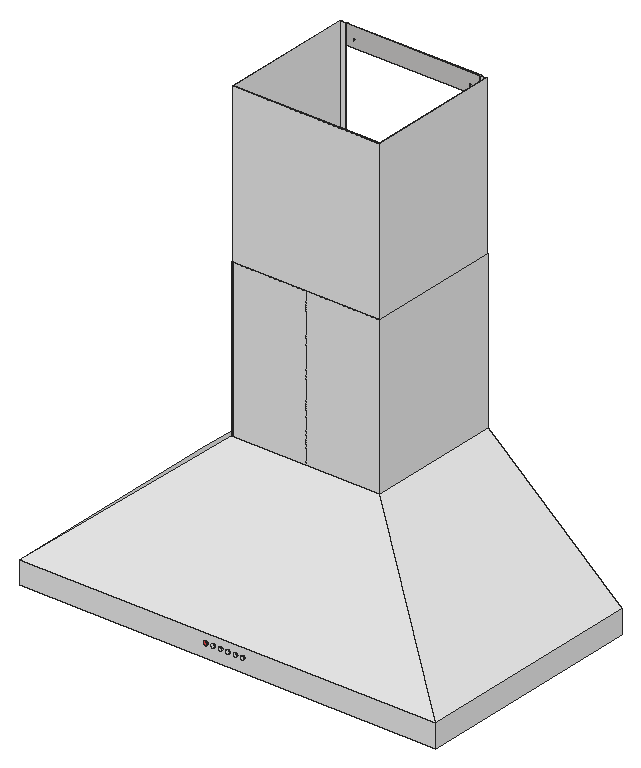
Revit family "FP_Revit_18_HC90PCRW_Rangehood_90001872A", category Specialty Equipment, Revit 2018
Family settings
  Round Connector Dimension = Use Diameter
  Part Type = Normal
  OmniClass Number = 23.40.40.00
  OmniClass Title = Food Service Equipment and Furnishings
  Work Plane-Based = No
  Always vertical = Yes
  Cut with Voids When Loaded = Yes
  Shared = No
  Room Calculation Point = No
Parameters (values of type "HC90PCW1")
  Visibility - Upper Chimney Extension [instance] = yes
  URL = "www.fisherpaykel.com"
  Product - Width = 898 mm  # constant formula
  Product - Height (636mm - 975mm) Ducted [instance] = 975 mm
  Product - Depth = 500 mm  # constant formula
  Model = "HC90PCW1"
  Material - COLOUR CHANGE = Fisher & Paykel - White
  Material - Buttons and Dials = Fisher & Paykel - Steel, Chrome Plated
  Material - Body = Fisher & Paykel - Stainless Steel
  Manufacturer = "Fisher & Paykel Appliances"
  FFL Offset [instance] = 1565 mm
  Description = "90cm Rangehood"
  Connector Description - Extraction = "150mm rigid or  semi-rigid ducting, 780m³/hr"
  Connector Description - Electrical = "230 V, 50Hz"
  Chassis - Width = 320 mm  # constant formula
  Chassis - Height = 298 mm  # constant formula
  Chassis - Depth = 290 mm  # constant formula
Types (5, lengths in mm): name | Model | Material - COLOUR CHANGE
  (no name) | "HC90PCW1" | Fisher & Paykel - White
  HC90PCB1 | "HC90PCB1" | Fisher & Paykel - Black
  HC90PCR1 | "HC90PCR1" | Fisher & Paykel - Red
  HC90PCTX1 | "HC90PCTX1" | Fisher & Paykel - Stainless Steel
  HC90PCW1 | "HC90PCW1" | Fisher & Paykel - White
Reference planes
  plane 1 "Datum": y = 0
  plane 2: z = 0
  plane 3 "Center (Left/Right)": x = 0
  plane 4 "Product - Height": z = 2540
  plane 5 "Product LHS": x = -449
  plane 6 "Product RHS": x = 449
  plane 7 "Product - Depth": y = -500
  plane 8 "Cavity LHS": x = -160
  plane 9 "Cavity RHS": x = 160
  plane 10 "Chassis - Depth": y = -290
  plane 11 "FFL Offset": z = 1565
  plane 12 "Chassis - Height": z = 1863
Forms (mm)
  Extrusion 1, solid, material "Fisher & Paykel - White" <- "Material - COLOUR CHANGE"
    sketch origin (0, 0, 0) x (1, 0, 0) y (0, 1, 0)
      loop
        line (-145, 0) -> (-160, 0) -> (-160, -290) -> (0, -290) -> (160, -290) -> (160, 0) -> (145, 0) -> (145, -1) -> (159, -1) -> (159, -289) -> (-159, -289) -> (-159, -1) -> (-145, -1) -> (-145, 0)
    from 1863 to 2200
  Extrusion 2, solid, material "Fisher & Paykel - White" <- "Material - COLOUR CHANGE", visible <- "Visibility - Upper Chimney Extension"
    sketch origin (0, 0, 0) x (1, 0, 0) y (0, 1, 0)
      loop
        line (-158, -2) -> (-145, -2) -> (-145, -1) -> (-159, -1) -> (-159, -289) -> (159, -289) -> (159, -1) -> (145, -1) -> (145, -2) -> (158, -2) -> (158, -288.044) -> (-158, -288.044) -> (-158, -2)
    from 2190 to 2540
  Extrusion 3, solid, material "Fisher & Paykel - Stainless Steel" <- "Material - Body"
    sketch origin (0, 0, 0) x (1, 0, 0) y (0, 1, 0)
      loop
        circle (0, -87.6) r 75
      loop
        circle (0, -87.6) r 74
    from 1850 to 1897.007
  Extrusion 4, solid, material "Fisher & Paykel - Stainless Steel" <- "Material - Body", visible <- "Visibility - Upper Chimney Extension"
    sketch origin (0, 0, 7) x (1, 0, 0) y (0, 0, 1)
      loop
        line (-145, 2491.596) -> (145, 2491.596) -> (145, 2533) -> (-145, 2533) -> (-145, 2491.596)
      loop
        circle (125, 2508) r 2.5
      loop
        circle (-125, 2508) r 2.5
    from 0 to 2
  Extrusion 5, solid, material "Fisher & Paykel - Steel, Chrome Plated" <- "Material - Buttons and Dials", detail levels fine
    sketch origin (0, 0, 565) x (1, 0, 0) y (0, 0, 1)
      loop
        circle (-32, 1029.1) r 3.958
      loop
        circle (-16, 1029.1) r 3.958
      loop
        circle (0, 1029.1) r 3.958
      loop
        circle (16, 1029.1) r 3.958
      loop
        circle (32, 1029.1) r 3.958
    from 501 to 500
  Extrusion 6, void
    sketch origin (0, 0, 0) x (1, 0, 0) y (0, 1, 0)
      loop
        line (-427.4, -479.9) -> (427.4, -479.9) -> (427.4, -89.9) -> (-427.4, -89.9) -> (-427.4, -479.9)
      loop
        circle (-217.5, -42) r 25
      loop
        circle (217.5, -42) r 25
    from 1565 to 1574
  Extrusion 7, solid, material "Fisher & Paykel - Stainless Steel" <- "Material - Body", detail levels fine
    sketch origin (0, 0, 0) x (1, 0, 0) y (0, 1, 0)
      loop
        line (142.7, -89.9) -> (142.7, -479.9) -> (427.4, -479.9) -> (427.4, -89.9) -> (142.7, -89.9)
      loop
        line (417.55, -469.9) -> (417.55, -99.9) -> (152.2, -99.9) -> (152.2, -469.9) -> (252.55, -469.9) -> (252.55, -409.9) -> (317.55, -409.9) -> (317.55, -469.9) -> (417.55, -469.9)
      loop
        line (269.45, -428.3) -> (269.45, -468.3) -> (300.65, -468.3) -> (300.65, -428.3) -> (269.45, -428.3)
      loop
        line (274.65, -433.5) -> (274.65, -463.1) -> (295.45, -463.1) -> (295.45, -433.5) -> (274.65, -433.5)
      loop
        line (274.85, -442.6) -> (274.85, -462.9) -> (295.25, -462.9) -> (295.25, -442.6) -> (274.85, -442.6)
      loop
        line (-142.7, -89.9) -> (-427.4, -89.9) -> (-427.4, -479.9) -> (-142.7, -479.9) -> (-142.7, -89.9)
      loop
        line (-417.55, -469.9) -> (-317.55, -469.9) -> (-317.55, -409.9) -> (-252.55, -409.9) -> (-252.55, -469.9) -> (-152.2, -469.9) -> (-152.2, -99.9) -> (-417.55, -99.9) -> (-417.55, -469.9)
      loop
        line (-269.45, -428.3) -> (-300.65, -428.3) -> (-300.65, -468.3) -> (-269.45, -468.3) -> (-269.45, -428.3)
      loop
        line (-274.65, -433.5) -> (-295.45, -433.5) -> (-295.45, -463.1) -> (-274.65, -463.1) -> (-274.65, -433.5)
      loop
        line (-274.85, -442.6) -> (-295.25, -442.6) -> (-295.25, -462.9) -> (-274.85, -462.9) -> (-274.85, -442.6)
      loop
        line (-142.35, -89.9) -> (-142.35, -479.9) -> (142.35, -479.9) -> (142.35, -89.9) -> (-142.35, -89.9)
      loop
        line (132.5, -469.9) -> (132.5, -99.9) -> (-132.85, -99.9) -> (-132.85, -469.9) -> (-32.5, -469.9) -> (-32.5, -409.9) -> (32.5, -409.9) -> (32.5, -469.9) -> (132.5, -469.9)
      loop
        line (-15.6, -428.3) -> (-15.6, -468.3) -> (15.6, -468.3) -> (15.6, -428.3) -> (-15.6, -428.3)
      loop
        line (-10.4, -433.5) -> (-10.4, -463.1) -> (10.4, -463.1) -> (10.4, -433.5) -> (-10.4, -433.5)
      loop
        line (-10.2, -442.6) -> (-10.2, -462.9) -> (10.2, -462.9) -> (10.2, -442.6) -> (-10.2, -442.6)
      loop
        line (268.45, -427.3) -> (268.45, -469.3) -> (301.65, -469.3) -> (301.65, -427.3) -> (268.45, -427.3)
      loop
        line (-16.6, -427.3) -> (-16.6, -469.3) -> (16.6, -469.3) -> (16.6, -427.3) -> (-16.6, -427.3)
      loop
        line (-268.45, -427.3) -> (-301.65, -427.3) -> (-301.65, -469.3) -> (-268.45, -469.3) -> (-268.45, -427.3)
    from 1566 to 1574
  Extrusion 8, solid, material "Fisher & Paykel - Aluminium", detail levels medium+fine
    sketch origin (0, 0, 0) x (1, 0, 0) y (0, 1, 0)
      loop
        line (152.2, -99.9) -> (152.2, -469.9) -> (252.55, -469.9) -> (252.55, -409.9) -> (317.55, -409.9) -> (317.55, -469.9) -> (417.55, -469.9) -> (417.55, -99.9) -> (152.2, -99.9)
      loop
        line (-152.2, -99.9) -> (-417.55, -99.9) -> (-417.55, -469.9) -> (-317.55, -469.9) -> (-317.55, -409.9) -> (-252.55, -409.9) -> (-252.55, -469.9) -> (-152.2, -469.9) -> (-152.2, -99.9)
      loop
        line (-132.675, -99.9) -> (-132.675, -469.9) -> (-32.325, -469.9) -> (-32.325, -409.9) -> (32.675, -409.9) -> (32.675, -469.9) -> (132.675, -469.9) -> (132.675, -99.9) -> (-132.675, -99.9)
    from 1566 to 1574
  Extrusion 9, void
    sketch origin (0, 0, 0) x (1, 0, 0) y (0, 0, 1)
      loop
        line (-449, 1863) -> (-449, 1615) -> (-160, 1863) -> (-449, 1863)
      loop
        line (449, 1863) -> (160, 1863) -> (449, 1615) -> (449, 1863)
    from 0 to 500
  Extrusion 10, solid, material "Fisher & Paykel - White" <- "Material - COLOUR CHANGE"
    sketch origin (0, 0, 0) x (0, 1, 0) y (0, 0, 1)
      loop
        line (-500, 1565) -> (0, 1565) -> (0, 1863) -> (-290, 1863) -> (-500, 1615) -> (-500, 1565)
    from -449 to 449
  Extrusion 11, solid, material "Fisher & Paykel - Stainless Steel" <- "Material - Body", detail levels medium+fine
    sketch origin (0, 0, 0) x (1, 0, 0) y (0, 1, 0)
      loop
        circle (90.933, -33) r 3
    from 1897.007 to 1850
  Extrusion 12, solid, material "Fisher & Paykel - Steel, Chrome Plated" <- "Material - Buttons and Dials", detail levels medium+fine
    sketch origin (0, 0, 0) x (1, 0, 0) y (0, 1, 0)
      loop
        circle (-217.5, -42) r 25
      loop
        circle (-217.5, -42) r 22
      loop
        circle (217.5, -42) r 25
      loop
        circle (217.5, -42) r 22
    from 1565 to 1574
  Extrusion 13, solid, material "Fisher & Paykel - White Bezel", detail levels fine
    sketch origin (0, 0, 0) x (1, 0, 0) y (0, 1, 0)
      loop
        circle (-217.5, -42) r 22
      loop
        circle (217.5, -42) r 22
    from 1565 to 1574
  Extrusion 14, void
    sketch origin (0, 0, 0) x (1, 0, 0) y (0, 0, 1)
      loop
        circle (254, 1612) r 2.5
      loop
        circle (125, 1859) r 2.5
      loop
        circle (-254, 1610) r 2.5
      loop
        circle (-125, 1859) r 2.5
    from 0 to 7
  Extrusion 15, solid, material "Fisher & Paykel - Stainless Steel" <- "Material - Body"
    sketch origin (0, 0, 0) x (1, 0, 0) y (0, 0, 1)
      loop
        line (-145, 2183) -> (-145, 2143) -> (145, 2143) -> (145, 2183) -> (-145, 2183)
      loop
        circle (125, 2161) r 2.5
      loop
        circle (-125, 2161) r 2.5
    from 0 to 2
  Extrusion 16, void
    sketch origin (0, 0, 0) x (1, 0, 0) y (0, 1, 0)
      loop
        line (-159, -289) -> (159, -289) -> (159, -2) -> (-159, -2) -> (-159, -289)
    from 1850 to 1863
  Extrusion 17, solid, material "Fisher & Paykel - Bezel Red", detail levels fine
    sketch origin (0, 0, 0) x (1, 0, 0) y (0, 0, 1)
      loop
        circle (-48, 1594.1) r 4.044
    from 500 to 501
Cuts and joins
  Extrusion 6, Extrusion 9, Extrusion 14, Extrusion 16 cuts Extrusion 10
  joined: Extrusion 1, Extrusion 10
  Extrusion 14 cuts Extrusion 4
  Extrusion 14 cuts Extrusion 15
Text (mm)
  text "Due to ongoing product development, product details are subject to change without notice. \nPlease always refer to www.fisherpaykel.com for the most current product information. \n© Fisher & Paykel 2020" at (41.04, -1225.549, 0), in view "Ref. Level (Plan)"
Dimensions and locks
  equal spacing: plane 5 "Product LHS", plane 3 "Center (Left/Right)", plane 6 "Product RHS"
  equal spacing: plane 8 "Cavity LHS", plane 3 "Center (Left/Right)", plane 9 "Cavity RHS"
  "Chassis - Width": plane 8 "Cavity LHS" to plane 9 "Cavity RHS"
  locked: Extrusion 1 sketch curve to Extrusion 1 sketch curve at 1  (x3)
  "FFL Offset": plane 11 "FFL Offset" to level
  "Product - Height (636mm - 975mm) Ducted": plane 4 "Product - Height" to plane 11 "FFL Offset"
  locked: Extrusion 8 to plane 11 "FFL Offset" at 9
  locked: Extrusion 7 to plane 11 "FFL Offset" at 1
  locked: Extrusion 1 to plane 11 "FFL Offset" at 635
  "Chassis - Depth": plane 10 "Chassis - Depth" to plane 1 "Datum"
  "Product - Width": plane 5 "Product LHS" to plane 6 "Product RHS"
  "Product - Depth": plane 1 "Datum" to plane 7 "Product - Depth"
  "Chassis - Height": plane 12 "Chassis - Height" to plane 11 "FFL Offset"
  locked: plane 11 "FFL Offset" to Extrusion 14 sketch curve at 294
  locked: plane 4 "Product - Height" to Extrusion 2 at 350
  locked: Extrusion 3 to plane 11 "FFL Offset" at 332.007
  locked: plane 11 "FFL Offset" to cut or joined group of Extrusion 1, Extrusion 6, Extrusion 9, Extrusion 10, Extrusion 14, Extrusion 16 at 285
  locked: plane 11 "FFL Offset" to cut or joined group of Extrusion 14, Extrusion 15 at 596
  locked: plane 11 "FFL Offset" to cut or joined group of Extrusion 14, Extrusion 15 at 618
  locked: plane 11 "FFL Offset" to cut or joined group of Extrusion 14, Extrusion 15 at 578
  cut or joined group of Extrusion 4, Extrusion 14 to plane 4 "Product - Height" = 41.404 mm
  locked: cut or joined group of Extrusion 4, Extrusion 14 to plane 4 "Product - Height" at 25
  locked: plane 11 "FFL Offset" to cut or joined group of Extrusion 1, Extrusion 6, Extrusion 9, Extrusion 10, Extrusion 14, Extrusion 16 at 294
  locked: plane 11 "FFL Offset" to Extrusion 14 sketch curve at 47
  locked: plane 11 "FFL Offset" to cut or joined group of Extrusion 1, Extrusion 6, Extrusion 9, Extrusion 10, Extrusion 14, Extrusion 16 at 47
  aligned and locked: level to plane 2
  aligned and locked: Extrusion 1 sketch curve to plane 8 "Cavity LHS"
  aligned and locked: plane 9 "Cavity RHS" to Extrusion 1 sketch curve
  aligned and locked: plane 10 "Chassis - Depth" to Extrusion 1 sketch curve
  aligned and locked: plane 4 "Product - Height" to Extrusion 2
  aligned and locked: Extrusion 10 to plane 6 "Product RHS"
  aligned and locked: plane 5 "Product LHS" to Extrusion 10
  aligned and locked: Extrusion 7 to Extrusion 8  (x2)
  aligned and locked: Extrusion 6 to Extrusion 7
  aligned and locked: cut or joined group of Extrusion 1, Extrusion 6, Extrusion 9, Extrusion 10, Extrusion 14, Extrusion 16 to plane 11 "FFL Offset"
  aligned and locked: Extrusion 12 to Extrusion 7
  aligned and locked: Extrusion 13 to Extrusion 7
  aligned and locked: Extrusion 13 to plane 11 "FFL Offset"
  aligned and locked: Extrusion 12 to plane 11 "FFL Offset"
  aligned and locked: plane 4 "Product - Height" to Extrusion 4
  aligned and locked: Extrusion 1 to plane 12 "Chassis - Height"
  aligned and locked: plane 7 "Product - Depth" to Extrusion 5
  aligned and locked: plane 7 "Product - Depth" to Extrusion 17
  aligned and locked: Extrusion 16 to Extrusion 1
  aligned and locked: cut or joined group of Extrusion 1, Extrusion 6, Extrusion 9, Extrusion 10, Extrusion 14, Extrusion 16 to Extrusion 3
  aligned and locked: Extrusion 3 to Extrusion 11
  aligned and locked: cut or joined group of Extrusion 1, Extrusion 6, Extrusion 9, Extrusion 10, Extrusion 14, Extrusion 16 to Extrusion 11
  aligned and locked: cut or joined group of Extrusion 4, Extrusion 14 to Extrusion 2
  aligned and locked: cut or joined group of Extrusion 14, Extrusion 15 to Extrusion 2
Automatic sketch dimensions
  Extrusion 2 sketch curve to plane 8 "Cavity LHS" = 1 mm
  Extrusion 2 sketch curve to Extrusion 2 sketch curve = 1 mm
  plane 1 "Datum" to Extrusion 2 sketch curve = 2 mm  (x2)
  Extrusion 2 sketch curve to Extrusion 2 sketch curve = 13 mm
  plane 9 "Cavity RHS" to Extrusion 2 sketch curve = 15 mm
  plane 9 "Cavity RHS" to Extrusion 2 sketch curve = 2 mm
  plane 9 "Cavity RHS" to Extrusion 2 sketch curve = 1 mm
  plane 10 "Chassis - Depth" to Extrusion 2 sketch curve = 1.956 mm
  plane 10 "Chassis - Depth" to Extrusion 2 sketch curve = 1 mm
  plane 1 "Datum" to Extrusion 2 sketch curve = 1 mm  (x2)
  Extrusion 4 sketch curve to plane 4 "Product - Height" = 0 mm
  Extrusion 4 sketch curve to plane 8 "Cavity LHS" = 15 mm
  Extrusion 4 sketch curve to plane 8 "Cavity LHS" = 35 mm
  plane 9 "Cavity RHS" to Extrusion 4 sketch curve = 35 mm
  plane 9 "Cavity RHS" to Extrusion 4 sketch curve = 15 mm
  Extrusion 4 sketch curve to plane 4 "Product - Height" = 25 mm  (x2)
  Extrusion 4 sketch curve to Extrusion 4 sketch curve = 16.404 mm
  Extrusion 6 sketch curve to plane 5 "Product LHS" = 21.6 mm
  plane 8 "Cavity LHS" to Extrusion 6 sketch curve = 57.5 mm
  Extrusion 6 sketch curve to plane 9 "Cavity RHS" = 57.5 mm
  plane 6 "Product RHS" to Extrusion 6 sketch curve = 21.6 mm
  plane 7 "Product - Depth" to Extrusion 6 sketch curve = 20.1 mm
  plane 1 "Datum" to Extrusion 6 sketch curve = 89.9 mm
  plane 1 "Datum" to Extrusion 6 sketch curve = 42 mm  (x2)
  plane 9 "Cavity RHS" to Extrusion 11 sketch curve = 69.067 mm
  plane 10 "Chassis - Depth" to Extrusion 11 sketch curve = 257 mm
  Extrusion 12 sketch curve to Extrusion 12 sketch curve = 0 mm  (x4)
  plane 8 "Cavity LHS" to Extrusion 12 sketch curve = 57.5 mm
  Extrusion 12 sketch curve to plane 9 "Cavity RHS" = 57.5 mm
  plane 1 "Datum" to Extrusion 12 sketch curve = 42 mm  (x2)
  plane 8 "Cavity LHS" to Extrusion 13 sketch curve = 57.5 mm
  Extrusion 13 sketch curve to plane 9 "Cavity RHS" = 57.5 mm
  plane 1 "Datum" to Extrusion 13 sketch curve = 42 mm  (x2)
  plane 11 "FFL Offset" to Extrusion 14 sketch curve = 45 mm
  plane 8 "Cavity LHS" to Extrusion 14 sketch curve = 94 mm
  Extrusion 14 sketch curve to plane 12 "Chassis - Height" = 4 mm
  Extrusion 14 sketch curve to plane 8 "Cavity LHS" = 35 mm
  plane 9 "Cavity RHS" to Extrusion 14 sketch curve = 35 mm
  Extrusion 14 sketch curve to plane 9 "Cavity RHS" = 94 mm
  Extrusion 15 sketch curve to plane 8 "Cavity LHS" = 15 mm
  Extrusion 15 sketch curve to plane 8 "Cavity LHS" = 35 mm
  plane 9 "Cavity RHS" to Extrusion 15 sketch curve = 35 mm
  plane 9 "Cavity RHS" to Extrusion 15 sketch curve = 15 mm
  plane 12 "Chassis - Height" to Extrusion 15 sketch curve = 280 mm
  Extrusion 15 sketch curve to Extrusion 15 sketch curve = 18 mm  (x2)
  Extrusion 15 sketch curve to Extrusion 15 sketch curve = 22 mm
  plane 1 "Datum" to Extrusion 1 sketch curve = 0 mm  (x2)
  Extrusion 1 sketch curve to plane 3 "Center (Left/Right)" = 0 mm
  plane 1 "Datum" to Extrusion 1 sketch curve = 1 mm  (x2)
  Extrusion 1 sketch curve to Extrusion 1 sketch curve = 14 mm  (x2)
  Extrusion 10 sketch curve to plane 7 "Product - Depth" = 0 mm
  Extrusion 10 sketch curve to plane 12 "Chassis - Height" = 0 mm
  Extrusion 10 sketch curve to plane 10 "Chassis - Depth" = 0 mm
  Extrusion 10 sketch curve to plane 1 "Datum" = 0 mm
  Extrusion 10 sketch curve to plane 11 "FFL Offset" = 0 mm
  Extrusion 10 sketch curve to Extrusion 10 sketch curve = 50 mm
  plane 5 "Product LHS" to Extrusion 9 sketch curve = 0 mm
  plane 8 "Cavity LHS" to Extrusion 9 sketch curve = 0 mm
  plane 9 "Cavity RHS" to Extrusion 9 sketch curve = 0 mm
  plane 6 "Product RHS" to Extrusion 9 sketch curve = 0 mm
  Extrusion 9 sketch curve to plane 12 "Chassis - Height" = 0 mm  (x2)
  plane 11 "FFL Offset" to Extrusion 9 sketch curve = 50 mm  (x2)
  Extrusion 5 sketch curve to plane 3 "Center (Left/Right)" = 0 mm
  Extrusion 5 sketch curve to plane 3 "Center (Left/Right)" = 16 mm
  Extrusion 5 sketch curve to Extrusion 5 sketch curve = 16 mm  (x3)
  plane 11 "FFL Offset" to Extrusion 5 sketch curve = 29.1 mm
  Extrusion 5 sketch curve to Extrusion 5 sketch curve = 0 mm  (x4)
  Extrusion 17 sketch curve to plane 3 "Center (Left/Right)" = 48 mm
  plane 11 "FFL Offset" to Extrusion 17 sketch curve = 29.1 mm
  Extrusion 7 sketch curve to plane 5 "Product LHS" = 21.6 mm
  Extrusion 7 sketch curve to Extrusion 7 sketch curve = 9.85 mm  (x3)
  plane 7 "Product - Depth" to Extrusion 7 sketch curve = 30.1 mm  (x4)
  Extrusion 7 sketch curve to Extrusion 7 sketch curve = 100 mm
  Extrusion 7 sketch curve to Extrusion 7 sketch curve = 16.9 mm  (x5)
  Extrusion 7 sketch curve to Extrusion 7 sketch curve = 5.2 mm  (x12)
  Extrusion 7 sketch curve to Extrusion 7 sketch curve = 0.2 mm  (x9)
  Extrusion 7 sketch curve to Extrusion 7 sketch curve = 20.4 mm  (x2)
  Extrusion 7 sketch curve to plane 8 "Cavity LHS" = 7.8 mm
  Extrusion 7 sketch curve to Extrusion 7 sketch curve = 9.5 mm  (x2)
  Extrusion 7 sketch curve to Extrusion 7 sketch curve = 0.35 mm  (x2)
  Extrusion 7 sketch curve to plane 3 "Center (Left/Right)" = 32.5 mm
  Extrusion 7 sketch curve to plane 3 "Center (Left/Right)" = 15.6 mm
  plane 3 "Center (Left/Right)" to Extrusion 7 sketch curve = 10.2 mm
  plane 9 "Cavity RHS" to Extrusion 7 sketch curve = 27.5 mm
  plane 9 "Cavity RHS" to Extrusion 7 sketch curve = 7.8 mm
  Extrusion 7 sketch curve to plane 9 "Cavity RHS" = 92.55 mm
  plane 6 "Product RHS" to Extrusion 7 sketch curve = 31.45 mm
  Extrusion 7 sketch curve to Extrusion 7 sketch curve = 0 mm  (x3)
  Extrusion 7 sketch curve to Extrusion 7 sketch curve = 10 mm  (x5)
  plane 7 "Product - Depth" to Extrusion 7 sketch curve = 20.1 mm
  Extrusion 7 sketch curve to Extrusion 7 sketch curve = 1.6 mm  (x3)
  Extrusion 7 sketch curve to Extrusion 7 sketch curve = 20.3 mm  (x3)
  Extrusion 7 sketch curve to Extrusion 7 sketch curve = 9.1 mm  (x3)
  Extrusion 7 sketch curve to Extrusion 7 sketch curve = 18.4 mm  (x3)
  plane 1 "Datum" to Extrusion 7 sketch curve = 99.9 mm  (x2)
  Extrusion 8 sketch curve to plane 5 "Product LHS" = 31.45 mm
  plane 7 "Product - Depth" to Extrusion 8 sketch curve = 30.1 mm  (x4)
  Extrusion 8 sketch curve to Extrusion 8 sketch curve = 100 mm
  Extrusion 8 sketch curve to Extrusion 8 sketch curve = 65 mm  (x2)
  Extrusion 8 sketch curve to plane 8 "Cavity LHS" = 7.8 mm
  Extrusion 8 sketch curve to Extrusion 8 sketch curve = 19.525 mm
  Extrusion 8 sketch curve to plane 3 "Center (Left/Right)" = 32.325 mm
  plane 3 "Center (Left/Right)" to Extrusion 8 sketch curve = 32.675 mm
  plane 9 "Cavity RHS" to Extrusion 8 sketch curve = 27.325 mm
  plane 9 "Cavity RHS" to Extrusion 8 sketch curve = 7.8 mm
  Extrusion 8 sketch curve to plane 9 "Cavity RHS" = 92.55 mm
  plane 6 "Product RHS" to Extrusion 8 sketch curve = 31.45 mm
  Extrusion 8 sketch curve to Extrusion 8 sketch curve = 0 mm  (x3)
  Extrusion 8 sketch curve to Extrusion 8 sketch curve = 60 mm  (x3)
  plane 1 "Datum" to Extrusion 8 sketch curve = 99.9 mm  (x2)
  Extrusion 3 sketch curve to Extrusion 3 sketch curve = 0 mm  (x2)
  plane 1 "Datum" to Extrusion 3 sketch curve = 87.6 mm
  plane 6 "Product RHS" to Extrusion 3 sketch curve = 449 mm
  plane 1 "Datum" to Extrusion 16 sketch curve = 2 mm
  Extrusion 16 sketch curve to plane 8 "Cavity LHS" = 1 mm
  plane 9 "Cavity RHS" to Extrusion 16 sketch curve = 1 mm
  plane 10 "Chassis - Depth" to Extrusion 16 sketch curve = 1 mm
  Extrusion 7 sketch curve to Extrusion 7 sketch curve = 1 mm  (x12)
  radius of Extrusion 4 sketch curve = 2.5 mm  (x2)
  radius of Extrusion 6 sketch curve = 25 mm  (x2)
  radius of Extrusion 11 sketch curve = 3 mm
  radius of Extrusion 12 sketch curve = 25 mm  (x2)
  radius of Extrusion 12 sketch curve = 22 mm  (x2)
  radius of Extrusion 13 sketch curve = 22 mm  (x2)
  radius of Extrusion 14 sketch curve = 2.5 mm  (x4)
  radius of Extrusion 15 sketch curve = 2.5 mm  (x2)
  radius of Extrusion 5 sketch curve = 3.958 mm  (x5)
  radius of Extrusion 17 sketch curve = 4.044 mm
  radius of Extrusion 3 sketch curve = 75 mm
  radius of Extrusion 3 sketch curve = 74 mm
Connectors
  hvac at (0, -87.6, 1897.007), driven by "Connector Description - Extraction"
    settings: on Extrusion 3, index 1, duct flow 0.0 L/s, flow factor 0, pres drop 0.0 Pa, loss coef 0, conn angle 0.00°, conn width 304.8 mm, conn height 304.8 mm, conn diameter 150 mm, duct sys type 4, conn prof type 0, flow config 0, flow direction 2, loss method 0, conn ref index -1, conn util no, is conn primary yes, conn desc "150mm rigid or  semi-rigid ducting, 780m³/hr"
  electrical at (90.933, -33, 1850), driven by "Connector Description - Electrical"
    settings: on Extrusion 11, index 2, voltage 230 V, apparent load 0 VA, apparent load phase1 0 VA, apparent load phase2 0 VA, apparent load phase3 0 VA, power factor 1, load classification "Other", number of poles 1, system type 30, power factor state 1, is connector primary yes, connector utility no, sub classification motor no, connector description "230 V, 50Hz"
